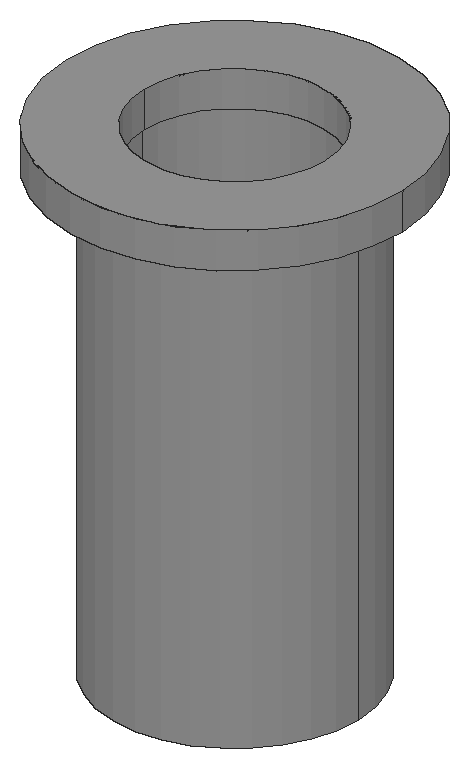
Revit family "A178", category Site, Revit 2025
Family settings
  Round Connector Dimension = Use Diameter
  Part Type = Normal
  Work Plane-Based = No
  Always vertical = Yes
  Cut with Voids When Loaded = No
  Shared = No
Parameters (values of type "Postech-Vistech A178")
  L top = 0' - 0 7/32"
  L sleeve = -0' - 2 189/256"
  Dia int top = 0' - 1.1"
  Dia int sleeve = 0' - 1.13"
  Dia ext top = 0' - 2.03"
  Dia ext sleeve = 0' - 1 1/2"
Reference planes (in)
  plane 1 "Center (Front/Back)": y = 0
  plane 2: z = 0
  plane 3 "Center (Left/Right)": x = 0
Forms (in)
  Extrusion 1, solid, material "Galvanized"
    sketch origin (0, 0, 0) x (1, 0, 0) y (0, 1, 0)
      loop
        circle (0, 0) r 0.75
      loop
        circle (0, 0) r 0.565
    from 0 to -2.73828 <- "L sleeve"
  Extrusion 2, solid, material "Galvanized"
    sketch origin (0, 0, 0) x (1, 0, 0) y (0, 1, 0)
      loop
        circle (0, 0) r 1.015
      loop
        circle (0, 0) r 0.55
    from 0 to 0.21875 <- "L top"
  Sweep 3, solid, material "Galvanized"
    path in 3D
      loop
        arc (0.75, 0, 0) -> (0, -0.75, 0) -> (-0.75, 0, 0) r 0.75
        arc (-0.75, 0, 0) -> (0, 0.75, 0) -> (0.75, 0, 0) r 0.75
    profile origin (0, 0.75, 0) x (0, 1, 0) y (0, 0, 1)
      loop
        arc (0, -0.12009) -> (0.03517, -0.03517) -> (0.12009, 0) r 0.12009
        line (0.12009, 0) -> (0, 0) -> (0, -0.12009)
Lines and regions (in)
  sketch lines
    curve 1: arc (-0.75, 0, 0) -> (0, 0.75, 0) -> (0.75, 0, 0) r 0.75
    curve 2: arc (0.75, 0, 0) -> (0, -0.75, 0) -> (-0.75, 0, 0) r 0.75
Dimensions and locks (in)
  "Dia int sleeve": diameter of Extrusion 1 sketch curve
  "Dia ext sleeve": diameter of Extrusion 1 sketch curve
  "Dia int top": diameter of Extrusion 2 sketch curve
  "Dia ext top": diameter of Extrusion 2 sketch curve
Automatic sketch dimensions
  Extrusion 1 sketch curve to Extrusion 1 sketch curve = 0' - 0"  (x2)
  plane 1 "Center (Front/Back)" to Extrusion 1 sketch curve = 0' - 0"
  Extrusion 1 sketch curve to plane 3 "Center (Left/Right)" = 0' - 0"
  Extrusion 2 sketch curve to Extrusion 2 sketch curve = 0' - 0"  (x4)
  Sweep 3 sketch curve to profile plane = 0' - 0"  (x2)
  Sweep 3 sketch curve to profile plane = 0' - 0.12009"
